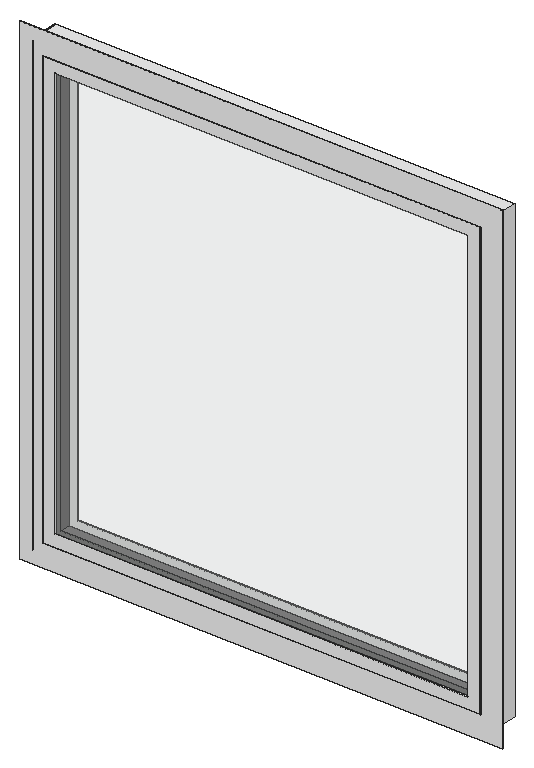
Revit family "Casement_36_E_Top_Hung_Standard", category Windows, host Wall, Revit 2014
Parameters (values of type "Casement_Sash_DG")
  Width Sash [instance] = 30 mm
  Width Sash Inner = 15 mm
  Width Bead = 15 mm
  Top Hung [instance] = yes
  Side Hung Right [instance] = yes
  Side Hung Left [instance] = yes
  Sash Opening Width [instance] = 600 mm
  Sash Opening Height [instance] = 600.312 mm
  Sash Lip = 15 mm
  Glazing Material [instance] = Glass
  DG Start Piece 2 [instance] = DG End Piece 1 + DG Gasket Thickness  # 25 mm
  DG Start Peice 1 [instance] = (Depth Sash - (2 * DG Glazing Thickness) - DG Gasket Thickness) / 2  # 6.6 mm
  Glazing Offset = 5 mm
  DG Glazing Thickness [instance] = 6.4 mm
  DG Gasket Thickness = 12 mm  # constant formula
  DG Gasket Material [instance] = Double Glazing Gasket Material
  DG End Piece 2 [instance] = DG Start Piece 2 + DG Glazing Thickness  # 31.4 mm
  DG End Piece 1 [instance] = DG Start Peice 1 + DG Glazing Thickness  # 13 mm
  Depth Sash [instance] = 38 mm
  Center Vertical Sash [instance] = Sash Opening Height / 2  # 300.156 mm
  Center Horizontal Sash [instance] = Sash Opening Width / 2  # 300 mm
  Bottom Hung [instance] = yes
  Bead Offset = 15 mm
  Aluminium Thickness = 1 mm
  Aluminium Material [instance] = White Powder Coated Aluminium
Reference planes
  plane 1 "Center (Front/Back)": y = 0
  plane 2: z = 0
  plane 3 "Center (Left/Right)": x = 0
Forms (mm)
  Sweep 1, solid, material "White Powder Coated Aluminium" <- "Aluminium Material"
    path origin (16.177, 0, 121.331) x (1, 0, 0) y (0, 0, 1)
      loop
        line (0, 0) -> (600, 0) -> (600, 600.312) -> (0, 600.312) -> (0, 0)
    profile origin (316.177, 0, 121.331) x (0, 0, 1) y (0, -1, 0)
      loop
        line (0, 0) -> (30, 0) -> (30, 1) -> (15, 1) -> (15, 38) -> (-15, 38) -> (-15, 37) -> (0, 37) -> (0, 0)
      loop
        line (14, 1) -> (14, 37) -> (1, 37) -> (1, 1) -> (14, 1)
  Sweep 2, solid, material "White Powder Coated Aluminium" <- "Aluminium Material"
    path origin (0, 0, 0) x (1, 0, 0) y (0, 0, 1)
      loop
        line (31.177, 706.643) -> (31.177, 136.331) -> (601.177, 136.331) -> (601.177, 706.643) -> (31.177, 706.643)
    profile origin (316.177, 0, 706.643) x (0, 0, 1) y (0, -1, 0)
      loop
        line (0, 37) -> (0, 38) -> (-15, 38) -> (-15, 37) -> (0, 37)
  Extrusion 3, solid, material "Glass" <- "Glazing Material"
    sketch origin (0, 0, 0) x (1, 0, 0) y (0, 0, 1)
      loop
        line (36.177, 701.643) -> (36.177, 141.331) -> (596.177, 141.331) -> (596.177, 701.643) -> (36.177, 701.643)
    from 6.6 <- "DG Start Peice 1" to 13 <- "DG End Piece 1"
  Extrusion 4, solid, material "Glass" <- "Glazing Material"
    sketch origin (0, 0, 0) x (1, 0, 0) y (0, 0, 1)
      loop
        line (36.177, 701.643) -> (36.177, 141.331) -> (596.177, 141.331) -> (596.177, 701.643) -> (36.177, 701.643)
    from 31.4 <- "DG End Piece 2" to 25 <- "DG Start Piece 2"
  Sweep 5, solid, material "Double Glazing Gasket Material" <- "DG Gasket Material"
    path origin (0, -13, 0) x (1, 0, 0) y (0, 0, 1)
      loop
        line (36.177, 701.643) -> (36.177, 141.331) -> (596.177, 141.331) -> (596.177, 701.643) -> (36.177, 701.643)
    profile origin (316.177, -13, 701.643) x (0, 0, 1) y (0, -1, 0)
      loop
        line (0, 0) -> (0, 12) -> (-7.96, 12) -> (-7.96, 0) -> (0, 0)
Lines and regions (mm)
  model lines
    curve 1: line (1.177, -38, 736.643) -> (31.177, -38, 706.643)
    curve 2: line (601.177, -38, 706.643) -> (631.177, -38, 736.643)
    curve 3: line (601.177, -38, 136.331) -> (631.177, -38, 106.331)
    curve 4: line (1.177, -38, 106.331) -> (31.177, -38, 136.331)
    curve 5: line (631.177, -37, 736.643) -> (616.177, -37, 721.643)
    curve 6: line (1.177, -37, 736.643) -> (16.177, -37, 721.643)
    curve 7: line (1.177, -37, 106.331) -> (16.177, -37, 121.331)
    curve 8: line (631.177, -37, 106.331) -> (616.177, -37, 121.331)
    curve 9: line (616.177, 0, 121.331) -> (586.177, 0, 151.331)
    curve 10: line (46.177, 0, 151.331) -> (16.177, 0, 121.331)
    curve 11: line (616.177, 0, 721.643) -> (586.177, 0, 691.643)
    curve 12: line (46.177, 0, 691.643) -> (16.177, 0, 721.643)
    curve 13: line (31.177, -38, 691.643) -> (46.177, -38, 691.643)
    curve 14: line (586.177, -38, 691.643) -> (601.177, -38, 691.643)
    curve 15: line (586.177, -38, 151.331) -> (601.177, -38, 151.331)
    curve 16: line (31.177, -38, 151.331) -> (46.177, -38, 151.331)
  model lines, style "GenericModelHiddenLines", visible <- "Top Hung"
    curve 17: line (46.386, -31.4, 690.914) -> (316.177, -31.4, 151.331)
    curve 18: line (316.177, -31.4, 151.331) -> (586.177, -31.4, 691.331)
  model lines, style "GenericModelHiddenLines", visible <- "Bottom Hung"
    curve 19: line (46.177, -31.4, 151.331) -> (316.177, -31.4, 691.331)
    curve 20: line (316.177, -31.4, 691.331) -> (586.177, -31.4, 151.331)
  model lines, style "GenericModelHiddenLines", visible <- "Side Hung Left"
    curve 21: line (46.386, -31.4, 690.914) -> (585.24, -31.4, 421.487)
    curve 22: line (585.24, -31.4, 421.487) -> (46.177, -31.4, 151.331)
  model lines, style "GenericModelHiddenLines", visible <- "Side Hung Right"
    curve 23: line (586.177, -31.4, 691.331) -> (46.177, -31.4, 421.487)
    curve 24: line (46.177, -31.4, 421.487) -> (586.177, -31.4, 151.331)
Dimensions and locks
  "Aluminium Thickness": Sweep 1 sketch curve to Sweep 1 sketch curve  (x4)
  "Depth Sash": Sweep 1 sketch curve to Sweep 1 sketch curve
  "Sash Opening Width": Sweep 1 to Sweep 1
  "Sash Opening Height": Sweep 1 to Sweep 1
  "Width Sash": Sweep 1 sketch curve to Sweep 1 sketch curve  (x2)
  "Width Sash Inner": Sweep 1 sketch curve to Sweep 1 sketch curve
  "Sash Lip": Sweep 1 sketch curve to Sweep 1 sketch curve
  "Aluminium Thickness": Sweep 1 to Sweep 2 sketch curve
  "Glazing Offset": Sweep 2 to Extrusion 3 sketch curve  (x3)
  "Glazing Offset": Extrusion 3 sketch curve to Sweep 2
  Sweep 1 to Sweep 1 = 1 mm
  "Aluminium Thickness": Sweep 2 sketch curve to Sweep 2 sketch curve
  "Width Bead": Sweep 2 sketch curve to Sweep 2 sketch curve
  locked: Sweep 5 sketch curve to Sweep 5 sketch curve at 7.96
  "Center Horizontal Sash": Sweep 1 to curve 18
  "Center Horizontal Sash": Sweep 1 to curve 20
  "Center Vertical Sash": Sweep 1 to curve 22
  "Center Vertical Sash": Sweep 1 to curve 24
  aligned and locked: level to plane 2
  aligned and locked: Sweep 1 sketch curve to Sweep 1 sketch curve  (x2)
  aligned and locked: Sweep 2 sketch curve to Sweep 1  (x5)
  aligned and locked: Extrusion 4 sketch curve to Extrusion 3  (x4)
  aligned and locked: Sweep 5 sketch curve to Extrusion 3  (x5)
  aligned and locked: Extrusion 3 to Sweep 5 sketch curve
Automatic sketch dimensions
  plane 3 "Center (Left/Right)" to Sweep 1 sketch curve = 16.177 mm
  level to Sweep 1 sketch curve = 121.331 mm
  plane 3 "Center (Left/Right)" to Sweep 1 sketch curve = 616.177 mm
  level to Sweep 1 sketch curve = 721.643 mm
  profile plane to Sweep 5 sketch curve = 12 mm
  curve 7 to Sweep 1 = 0 mm  (x4)
  curve 6 to Sweep 1 = 0 mm  (x3)
  Sweep 1 to curve 6 = 0 mm
  curve 5 to Sweep 1 = 0 mm  (x3)
  curve 8 to Sweep 1 = 0 mm  (x4)
  Sweep 1 to curve 5 = 0 mm
  curve 16 to Sweep 2 = 0 mm  (x3)
  curve 13 to Sweep 2 = 0 mm  (x3)
  curve 15 to Sweep 2 = 0 mm
  Sweep 2 to curve 15 = 0 mm  (x2)
  curve 14 to Sweep 2 = 0 mm  (x2)
  Sweep 2 to curve 14 = 0 mm
  curve 1 to Sweep 1 = 0 mm  (x4)
  curve 4 to Sweep 1 = 0 mm  (x3)
  Sweep 1 to curve 4 = 0 mm
  curve 3 to Sweep 1 = 0 mm  (x3)
  curve 2 to Sweep 1 = 0 mm  (x4)
  Sweep 1 to curve 3 = 0 mm
  curve 10 to Sweep 1 = 0 mm  (x4)
  curve 12 to Sweep 1 = 0 mm  (x3)
  Sweep 1 to curve 12 = 0 mm
  curve 9 to Sweep 1 = 0 mm  (x4)
  curve 11 to Sweep 1 = 0 mm  (x3)
  Sweep 1 to curve 11 = 0 mm
  Sweep 1 sketch curve to plane 1 "Center (Front/Back)" = 0 mm
  profile plane to Sweep 1 sketch curve = 0 mm
  curve 21 to Extrusion 4 = 10.208 mm
  curve 19 to Extrusion 4 = 10 mm
  curve 23 to Extrusion 4 = 10 mm  (x2)
  curve 22 to Extrusion 4 = 10.937 mm
  curve 20 to Extrusion 4 = 10 mm
  curve 24 to Extrusion 4 = 10 mm
  curve 22 to Extrusion 4 = 10 mm
  curve 18 to Extrusion 4 = 10 mm
  curve 21 to Extrusion 4 = 10.729 mm
  curve 19 to Extrusion 4 = 10.312 mm
  curve 18 to Extrusion 4 = 10.312 mm
Types in the file's own list only (6): name | Windload Design | Width Sash Opening | Width Sash | Width Profile | Width Fixed Pane RHS | Width Fixed Pane Bottom LHS | Width Panel 1 | Width | URL | Offset Window Exterior | Max System DG Unit Thickness | Max System DG One Piece Thickness | Max Pane Area | Limit Fixed Pane Width Min | Limit Fixed Pane Width Max | Limit Fixed Pane Height Min | Limit Fixed Pane Height Max | Intruderprufe U Value | Intruderprufe SHGC Value | Intruderprufe LowE U Value | Intruderprufe LowE SHGC Value | Intruderprufe Insulated U Value | Intruderprufe Insulated SHGC Value | Intruderprufe Insulated LowE U Value | Intruderprufe Insulated LowE SHGC Value | Height | Energy Advantage U Value | Energy Advantage SHGC Value | DG Thickness Calc | Custom Window Width | Custom Window Height | Window Exterior Offset | Custom Windload | Custom Sash Width | Custom Sash Height | Sash Spacing Inner | Sash Overlap | Sash Center Offset | SG Gasket Thickness | Offset Sash Left | Offset Sash Top | Offset Panel 4 Left | Offset Panel 3 Bead Top | Offset Mullion Left | Offset Transom Top | Offset Bead SG Center Reversed | Model | Manufacturer | Limit Window Width Min | Limit Window Width Max | Limit Window Height Min | Limit Window Height Max | Limit Sash Width Min | Limit Sash Width Max | Limit Sash Height Min | Limit Sash Height Max | Length Transom | Length Mullion | Height Sash Opening | Height Sash | Height Fixed Pane RHS | Height Fixed Pane Bottom LHS | Height Panel 1 | Description | Depth Mullion | Frame Center Offset | Depth Bead | Default Sill Height | Wall Closure | DG Gasket Finish | DG Extrusion Start | Mullion Depth Windload Based | Clearvue U Value | Clearvue SHGC Value | Clearvue Insulated U Value | Clearvue Insulated SHGC Value | Clearvue Insulated LowE U Value | Clearvue Insulated LowE SHGC Value | Casement Dimension | Bottom Hung | Bead SG Gap | Area Pane Right | Area Pane Left Top | Area Pane Left Bottom
  36-1209T-1000Pa | 1000 mm | 554 mm | 524 mm | 30 mm | 560 mm | 540 mm | 540 mm | 1190 mm | "http://www.crealco.co.za/crealco-products.php" | 18 mm | 25 mm | 6 mm | 0.45 m² | 200 mm | 1500 mm | 200 mm | 1800 mm | 7.31 | 0.675 | 5.66 | 0.597 | 4.88 | 0.57 | 4.32 | 0.524 | 890 mm | 5.8 | 0.635 | 4 mm | 1190 mm | 890 mm | 0 mm | 1000 mm | 554 mm | 554 mm | 8 mm | 7 mm | 15 mm | 6 mm | 23 mm | 23 mm | 600 mm | 600 mm | 570 mm | 570 mm | 18 mm | "Casement 36" | "Crealco" | 830 mm | 2130 mm | 830 mm | 1860 mm | 300 mm | 1200 mm | 300 mm | 900 mm | 540 mm | 890 mm | 554 mm | 524 mm | 830 mm | 260 mm | 539 mm | "Window 36mm, Type E top hung" | 37 mm | 18 mm | 22 mm | 800 mm | By host | Double Glazing Gasket Material | 8 mm | 37 mm | 7.48 | 0.708 | 5.01 | 0.624 | 4.42 | 0.569 | 36 mm | No | 13 mm | 0.45 m² | 0.23 m² | 0.13 m²
  36-1509T-1000Pa | 1000 mm | 554 mm | 524 mm | 30 mm | 860 mm | 540 mm | 540 mm | 1490 mm | "http://www.crealco.co.za/crealco-products.php" | 18 mm | 25 mm | 6 mm | 0.70 m² | 200 mm | 1500 mm | 200 mm | 1800 mm | 7.56 | 0.743 | 5.72 | 0.656 | 4.86 | 0.629 | 4.22 | 0.576 | 890 mm | 5.86 | 0.699 | 4 mm | 1490 mm | 890 mm | 0 mm | 1000 mm | 554 mm | 554 mm | 8 mm | 7 mm | 15 mm | 6 mm | 23 mm | 23 mm | 600 mm | 600 mm | 570 mm | 570 mm | 18 mm | "Casement 36" | "Crealco" | 830 mm | 2130 mm | 830 mm | 1860 mm | 300 mm | 1200 mm | 300 mm | 900 mm | 540 mm | 890 mm | 554 mm | 524 mm | 830 mm | 260 mm | 539 mm | "Window 36mm, Type E top hung" | 37 mm | 18 mm | 22 mm | 800 mm | By host | Double Glazing Gasket Material | 8 mm | 37 mm | 7.73 | 0.781 | 4.99 | 0.688 | 4.32 | 0.626 | 36 mm | No | 13 mm | 0.70 m² | 0.23 m² | 0.13 m²
  36-1209T-1500Pa | 1500 mm | 554 mm | 524 mm | 30 mm | 560 mm | 540 mm | 540 mm | 1190 mm | "http://www.crealco.co.za/crealco-products.php" | 18 mm | 25 mm | 6 mm | 0.45 m² | 200 mm | 1500 mm | 200 mm | 1800 mm | 7.31 | 0.675 | 5.66 | 0.597 | 4.88 | 0.57 | 4.32 | 0.524 | 890 mm | 5.8 | 0.635 | 4 mm | 1190 mm | 890 mm | 0 mm | 1500 mm | 554 mm | 554 mm | 8 mm | 7 mm | 15 mm | 6 mm | 23 mm | 23 mm | 600 mm | 600 mm | 570 mm | 570 mm | 18 mm | "Casement 36" | "Crealco" | 830 mm | 2130 mm | 830 mm | 1860 mm | 300 mm | 1200 mm | 300 mm | 900 mm | 540 mm | 890 mm | 554 mm | 524 mm | 830 mm | 260 mm | 539 mm | "Window 36mm, Type E top hung" | 37 mm | 18 mm | 22 mm | 800 mm | By host | Double Glazing Gasket Material | 8 mm | 37 mm | 7.48 | 0.708 | 5.01 | 0.624 | 4.42 | 0.569 | 36 mm | No | 13 mm | 0.45 m² | 0.23 m² | 0.13 m²
  36-1209T-2000Pa | 2000 mm | 554 mm | 524 mm | 30 mm | 560 mm | 540 mm | 540 mm | 1190 mm | "http://www.crealco.co.za/crealco-products.php" | 18 mm | 25 mm | 6 mm | 0.45 m² | 200 mm | 1500 mm | 200 mm | 1800 mm | 7.31 | 0.675 | 5.66 | 0.597 | 4.88 | 0.57 | 4.32 | 0.524 | 890 mm | 5.8 | 0.635 | 4 mm | 1190 mm | 890 mm | 0 mm | 2000 mm | 554 mm | 554 mm | 8 mm | 7 mm | 15 mm | 6 mm | 23 mm | 23 mm | 600 mm | 600 mm | 570 mm | 570 mm | 18 mm | "Casement 36" | "Crealco" | 830 mm | 2130 mm | 830 mm | 1860 mm | 300 mm | 1200 mm | 300 mm | 900 mm | 540 mm | 890 mm | 554 mm | 524 mm | 830 mm | 260 mm | 539 mm | "Window 36mm, Type E top hung" | 37 mm | 18 mm | 22 mm | 800 mm | By host | Double Glazing Gasket Material | 8 mm | 37 mm | 7.48 | 0.708 | 5.01 | 0.624 | 4.42 | 0.569 | 36 mm | No | 13 mm | 0.45 m² | 0.23 m² | 0.13 m²
  36-1509T-1500Pa | 1500 mm | 554 mm | 524 mm | 30 mm | 860 mm | 540 mm | 540 mm | 1490 mm | "http://www.crealco.co.za/crealco-products.php" | 18 mm | 25 mm | 6 mm | 0.70 m² | 200 mm | 1500 mm | 200 mm | 1800 mm | 7.56 | 0.743 | 5.72 | 0.656 | 4.86 | 0.629 | 4.22 | 0.576 | 890 mm | 5.86 | 0.699 | 4 mm | 1490 mm | 890 mm | 0 mm | 1500 mm | 554 mm | 554 mm | 8 mm | 7 mm | 15 mm | 6 mm | 23 mm | 23 mm | 600 mm | 600 mm | 570 mm | 570 mm | 18 mm | "Casement 36" | "Crealco" | 830 mm | 2130 mm | 830 mm | 1860 mm | 300 mm | 1200 mm | 300 mm | 900 mm | 540 mm | 890 mm | 554 mm | 524 mm | 830 mm | 260 mm | 539 mm | "Window 36mm, Type E top hung" | 37 mm | 18 mm | 22 mm | 800 mm | By host | Double Glazing Gasket Material | 8 mm | 37 mm | 7.73 | 0.781 | 4.99 | 0.688 | 4.32 | 0.626 | 36 mm | No | 13 mm | 0.70 m² | 0.23 m² | 0.13 m²
  36-1509T-2000Pa | 2000 mm | 554 mm | 524 mm | 30 mm | 860 mm | 540 mm | 540 mm | 1490 mm | "http://www.crealco.co.za/crealco-products.php" | 18 mm | 25 mm | 6 mm | 0.70 m² | 200 mm | 1500 mm | 200 mm | 1800 mm | 7.56 | 0.743 | 5.72 | 0.656 | 4.86 | 0.629 | 4.22 | 0.576 | 890 mm | 5.86 | 0.699 | 4 mm | 1490 mm | 890 mm | 0 mm | 2000 mm | 554 mm | 554 mm | 8 mm | 7 mm | 15 mm | 6 mm | 23 mm | 23 mm | 600 mm | 600 mm | 570 mm | 570 mm | 18 mm | "Casement 36" | "Crealco" | 830 mm | 2130 mm | 830 mm | 1860 mm | 300 mm | 1200 mm | 300 mm | 900 mm | 540 mm | 890 mm | 554 mm | 524 mm | 830 mm | 260 mm | 539 mm | "Window 36mm, Type E top hung" | 37 mm | 18 mm | 22 mm | 800 mm | By host | Double Glazing Gasket Material | 8 mm | 37 mm | 7.73 | 0.781 | 4.99 | 0.688 | 4.32 | 0.626 | 36 mm | No | 13 mm | 0.70 m² | 0.23 m² | 0.13 m²
